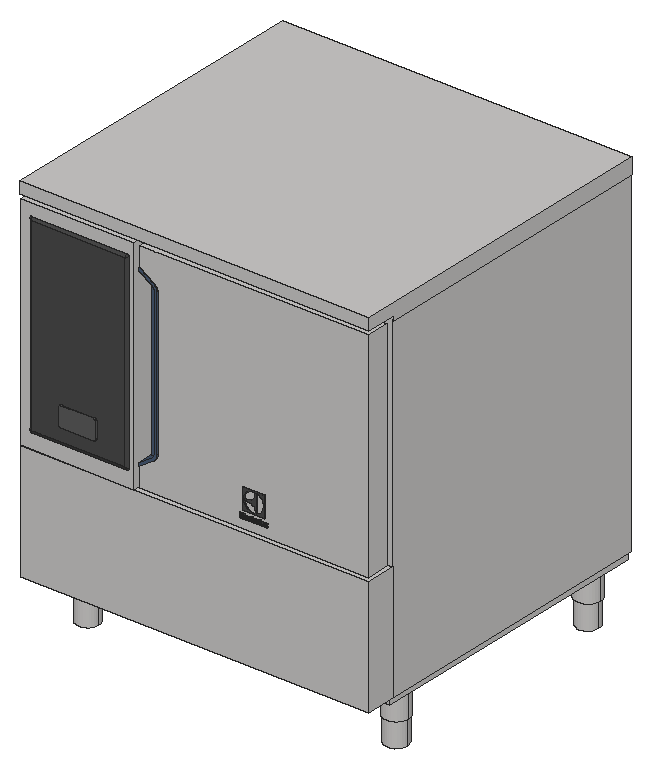
Revit family "QF_ELECTROLUXPROFESSIONAL_725539_EBFA61TE", category Specialty Equipment, Revit 2023 (continued)
Automatic sketch dimensions
  Split face 46 sketch curve to Extrusion 9 = 377.596 mm
  Split face 46 sketch curve to Split face 46 sketch curve = 110.015 mm
  Split face 46 sketch curve to Split face 46 sketch curve = 5.027 mm
  Split face 47 sketch curve to Extrusion 9 = 81.175 mm
  Split face 47 sketch curve to Extrusion 9 = 377.596 mm
  Split face 47 sketch curve to Split face 47 sketch curve = 110.015 mm
  Split face 47 sketch curve to Split face 47 sketch curve = 5.027 mm
  Split face 48 sketch curve to Extrusion 9 = 71.703 mm
  Split face 48 sketch curve to Extrusion 9 = 377.596 mm
  Split face 48 sketch curve to Split face 48 sketch curve = 110.015 mm
  Split face 48 sketch curve to Split face 48 sketch curve = 5.027 mm
  Split face 49 sketch curve to Extrusion 9 = 62.231 mm
  Split face 49 sketch curve to Extrusion 9 = 377.596 mm
  Split face 49 sketch curve to Split face 49 sketch curve = 110.015 mm
  Split face 49 sketch curve to Split face 49 sketch curve = 5.027 mm
  Split face 50 sketch curve to Extrusion 9 = 52.758 mm
  Split face 50 sketch curve to Extrusion 9 = 377.596 mm
  Split face 50 sketch curve to Extrusion 9 = 47.731 mm
  Split face 50 sketch curve to Split face 50 sketch curve = 110.015 mm
  Split face 51 sketch curve to Extrusion 9 = 43.286 mm
  Split face 51 sketch curve to Extrusion 9 = 377.596 mm
  Split face 51 sketch curve to Extrusion 9 = 38.259 mm
  Split face 51 sketch curve to Split face 51 sketch curve = 110.015 mm
  Split face 52 sketch curve to Extrusion 9 = 33.814 mm
  Split face 52 sketch curve to Extrusion 9 = 377.596 mm
  Split face 52 sketch curve to Extrusion 9 = 28.787 mm
  Split face 52 sketch curve to Split face 52 sketch curve = 110.015 mm
  Split face 53 sketch curve to Extrusion 9 = 31.361 mm
  Split face 53 sketch curve to Extrusion 9 = 262.581 mm
  Split face 53 sketch curve to Extrusion 9 = 36.388 mm
  Split face 53 sketch curve to Split face 53 sketch curve = 110.015 mm
  Split face 54 sketch curve to Extrusion 9 = 40.833 mm
  Split face 54 sketch curve to Extrusion 9 = 262.581 mm
  Split face 54 sketch curve to Extrusion 9 = 45.86 mm
  Split face 54 sketch curve to Split face 54 sketch curve = 110.015 mm
  Split face 55 sketch curve to Extrusion 9 = 50.305 mm
  Split face 55 sketch curve to Extrusion 9 = 262.581 mm
  Split face 55 sketch curve to Split face 55 sketch curve = 110.015 mm
  Split face 55 sketch curve to Split face 55 sketch curve = 5.027 mm
  Split face 56 sketch curve to Extrusion 9 = 59.777 mm
  Split face 56 sketch curve to Extrusion 9 = 262.581 mm
  Split face 56 sketch curve to Split face 56 sketch curve = 110.015 mm
  Split face 56 sketch curve to Split face 56 sketch curve = 5.027 mm
  Split face 57 sketch curve to Extrusion 9 = 69.25 mm
  Split face 57 sketch curve to Extrusion 9 = 262.581 mm
  Split face 57 sketch curve to Split face 57 sketch curve = 110.015 mm
  Split face 57 sketch curve to Split face 57 sketch curve = 5.027 mm
  Split face 58 sketch curve to Extrusion 9 = 78.722 mm
  Split face 58 sketch curve to Extrusion 9 = 262.581 mm
  Split face 58 sketch curve to Split face 58 sketch curve = 110.015 mm
  Split face 58 sketch curve to Split face 58 sketch curve = 5.027 mm
  Split face 59 sketch curve to Extrusion 9 = 88.194 mm
  Split face 59 sketch curve to Extrusion 9 = 262.581 mm
  Split face 59 sketch curve to Split face 59 sketch curve = 110.015 mm
  Split face 59 sketch curve to Split face 59 sketch curve = 5.027 mm
  Split face 60 sketch curve to Extrusion 9 = 97.666 mm
  Split face 60 sketch curve to Extrusion 9 = 262.581 mm
  Split face 60 sketch curve to Split face 60 sketch curve = 110.015 mm
  Split face 60 sketch curve to Split face 60 sketch curve = 5.027 mm
  Split face 61 sketch curve to Extrusion 9 = 107.138 mm
  Split face 61 sketch curve to Extrusion 9 = 262.581 mm
  Split face 61 sketch curve to Split face 61 sketch curve = 110.015 mm
  Split face 61 sketch curve to Split face 61 sketch curve = 5.027 mm
  Split face 62 sketch curve to Extrusion 9 = 116.611 mm
  Split face 62 sketch curve to Extrusion 9 = 262.581 mm
  Split face 62 sketch curve to Split face 62 sketch curve = 110.015 mm
  Split face 62 sketch curve to Split face 62 sketch curve = 5.027 mm
  Split face 63 sketch curve to Extrusion 9 = 126.083 mm
  Split face 63 sketch curve to Extrusion 9 = 262.581 mm
  Split face 63 sketch curve to Split face 63 sketch curve = 110.015 mm
  Split face 63 sketch curve to Split face 63 sketch curve = 5.027 mm
  Split face 64 sketch curve to Extrusion 9 = 262.581 mm
  Split face 64 sketch curve to Split face 64 sketch curve = 110.015 mm
  Split face 64 sketch curve to Extrusion 9 = 135.555 mm
  Split face 64 sketch curve to Split face 64 sketch curve = 5.027 mm
  Split face 65 sketch curve to Extrusion 9 = 262.581 mm
  Split face 65 sketch curve to Split face 65 sketch curve = 110.015 mm
  Split face 65 sketch curve to Extrusion 9 = 145.027 mm
  Split face 65 sketch curve to Split face 65 sketch curve = 5.027 mm
  Split face 66 sketch curve to Extrusion 9 = 262.581 mm
  Split face 66 sketch curve to Split face 66 sketch curve = 110.015 mm
  Split face 66 sketch curve to Extrusion 9 = 147.48 mm
  Split face 66 sketch curve to Split face 66 sketch curve = 5.027 mm
  Split face 67 sketch curve to Extrusion 9 = 262.581 mm
  Split face 67 sketch curve to Split face 67 sketch curve = 110.015 mm
  Split face 67 sketch curve to Extrusion 9 = 138.008 mm
  Split face 67 sketch curve to Split face 67 sketch curve = 5.027 mm
  Split face 68 sketch curve to Extrusion 9 = 128.536 mm
  Split face 68 sketch curve to Extrusion 9 = 262.581 mm
  Split face 68 sketch curve to Split face 68 sketch curve = 110.015 mm
  Split face 68 sketch curve to Split face 68 sketch curve = 5.027 mm
  Split face 69 sketch curve to Extrusion 9 = 119.064 mm
  Split face 69 sketch curve to Extrusion 9 = 262.581 mm
  Split face 69 sketch curve to Split face 69 sketch curve = 110.015 mm
  Split face 69 sketch curve to Split face 69 sketch curve = 5.027 mm
  Split face 70 sketch curve to Extrusion 9 = 109.592 mm
  Split face 70 sketch curve to Extrusion 9 = 262.581 mm
  Split face 70 sketch curve to Split face 70 sketch curve = 110.015 mm
  Split face 70 sketch curve to Split face 70 sketch curve = 5.027 mm
  Split face 71 sketch curve to Extrusion 9 = 100.119 mm
  Split face 71 sketch curve to Extrusion 9 = 262.581 mm
  Split face 71 sketch curve to Split face 71 sketch curve = 110.015 mm
  Split face 71 sketch curve to Split face 71 sketch curve = 5.027 mm
  Split face 72 sketch curve to Extrusion 9 = 90.647 mm
  Split face 72 sketch curve to Extrusion 9 = 262.581 mm
  Split face 72 sketch curve to Split face 72 sketch curve = 110.015 mm
  Split face 72 sketch curve to Split face 72 sketch curve = 5.027 mm
  Split face 73 sketch curve to Extrusion 9 = 81.175 mm
  Split face 73 sketch curve to Extrusion 9 = 262.581 mm
  Split face 73 sketch curve to Split face 73 sketch curve = 110.015 mm
  Split face 73 sketch curve to Split face 73 sketch curve = 5.027 mm
  Split face 74 sketch curve to Extrusion 9 = 71.703 mm
  Split face 74 sketch curve to Extrusion 9 = 262.581 mm
  Split face 74 sketch curve to Split face 74 sketch curve = 110.015 mm
  Split face 74 sketch curve to Split face 74 sketch curve = 5.027 mm
  Split face 75 sketch curve to Extrusion 9 = 62.231 mm
  Split face 75 sketch curve to Extrusion 9 = 262.581 mm
  Split face 75 sketch curve to Split face 75 sketch curve = 110.015 mm
  Split face 75 sketch curve to Split face 75 sketch curve = 5.027 mm
  Split face 76 sketch curve to Extrusion 9 = 52.758 mm
  Split face 76 sketch curve to Extrusion 9 = 262.581 mm
  Split face 76 sketch curve to Extrusion 9 = 47.731 mm
  Split face 76 sketch curve to Split face 76 sketch curve = 110.015 mm
  Split face 77 sketch curve to Extrusion 9 = 43.286 mm
  Split face 77 sketch curve to Extrusion 9 = 262.581 mm
  Split face 77 sketch curve to Extrusion 9 = 38.259 mm
  Split face 77 sketch curve to Split face 77 sketch curve = 110.015 mm
  Split face 78 sketch curve to Extrusion 9 = 33.814 mm
  Split face 78 sketch curve to Extrusion 9 = 262.581 mm
  Split face 78 sketch curve to Extrusion 9 = 28.787 mm
  Split face 78 sketch curve to Split face 78 sketch curve = 110.015 mm
  Split face 79 sketch curve to Extrusion 9 = 31.361 mm
  Split face 79 sketch curve to Extrusion 9 = 147.565 mm
  Split face 79 sketch curve to Extrusion 9 = 36.388 mm
  Split face 79 sketch curve to Split face 79 sketch curve = 110.015 mm
  Split face 80 sketch curve to Extrusion 9 = 40.833 mm
  Split face 80 sketch curve to Extrusion 9 = 147.565 mm
  Split face 80 sketch curve to Extrusion 9 = 45.86 mm
  Split face 80 sketch curve to Split face 80 sketch curve = 110.015 mm
  Split face 81 sketch curve to Extrusion 9 = 50.305 mm
  Split face 81 sketch curve to Extrusion 9 = 147.565 mm
  Split face 81 sketch curve to Split face 81 sketch curve = 110.015 mm
  Split face 81 sketch curve to Split face 81 sketch curve = 5.027 mm
  Split face 82 sketch curve to Extrusion 9 = 59.777 mm
  Split face 82 sketch curve to Extrusion 9 = 147.565 mm
  Split face 82 sketch curve to Split face 82 sketch curve = 110.015 mm
  Split face 82 sketch curve to Split face 82 sketch curve = 5.027 mm
  Split face 83 sketch curve to Extrusion 9 = 69.25 mm
  Split face 83 sketch curve to Extrusion 9 = 147.565 mm
  Split face 83 sketch curve to Split face 83 sketch curve = 110.015 mm
  Split face 83 sketch curve to Split face 83 sketch curve = 5.027 mm
  Split face 84 sketch curve to Extrusion 9 = 147.565 mm
  Split face 84 sketch curve to Split face 84 sketch curve = 110.015 mm
  Split face 84 sketch curve to Extrusion 9 = 78.722 mm
  Split face 84 sketch curve to Split face 84 sketch curve = 5.027 mm
  Split face 85 sketch curve to Extrusion 9 = 147.565 mm
  Split face 85 sketch curve to Split face 85 sketch curve = 110.015 mm
  Split face 85 sketch curve to Extrusion 9 = 88.194 mm
  Split face 85 sketch curve to Split face 85 sketch curve = 5.027 mm
  Split face 86 sketch curve to Extrusion 9 = 147.565 mm
  Split face 86 sketch curve to Split face 86 sketch curve = 110.015 mm
  Split face 86 sketch curve to Extrusion 9 = 97.666 mm
  Split face 86 sketch curve to Split face 86 sketch curve = 5.027 mm
  Split face 87 sketch curve to Extrusion 9 = 147.565 mm
  Split face 87 sketch curve to Split face 87 sketch curve = 110.015 mm
  Split face 87 sketch curve to Extrusion 9 = 107.138 mm
  Split face 87 sketch curve to Split face 87 sketch curve = 5.027 mm
  Split face 88 sketch curve to Extrusion 9 = 147.565 mm
  Split face 88 sketch curve to Split face 88 sketch curve = 110.015 mm
  Split face 88 sketch curve to Extrusion 9 = 116.611 mm
  Split face 88 sketch curve to Split face 88 sketch curve = 5.027 mm
  Split face 89 sketch curve to Extrusion 9 = 147.565 mm
  Split face 89 sketch curve to Split face 89 sketch curve = 110.015 mm
  Split face 89 sketch curve to Extrusion 9 = 126.083 mm
  Split face 89 sketch curve to Split face 89 sketch curve = 5.027 mm
  Split face 90 sketch curve to Extrusion 9 = 147.565 mm
  Split face 90 sketch curve to Split face 90 sketch curve = 110.015 mm
  Split face 90 sketch curve to Extrusion 9 = 135.555 mm
  Split face 90 sketch curve to Split face 90 sketch curve = 5.027 mm
  Split face 91 sketch curve to Extrusion 9 = 147.565 mm
  Split face 91 sketch curve to Split face 91 sketch curve = 110.015 mm
  Split face 91 sketch curve to Extrusion 9 = 145.027 mm
  Split face 91 sketch curve to Split face 91 sketch curve = 5.027 mm
  Split face 92 sketch curve to Extrusion 9 = 147.565 mm
  Split face 92 sketch curve to Split face 92 sketch curve = 110.015 mm
  Split face 92 sketch curve to Extrusion 9 = 147.48 mm
  Split face 92 sketch curve to Split face 92 sketch curve = 5.027 mm
  Split face 93 sketch curve to Extrusion 9 = 147.565 mm
  Split face 93 sketch curve to Split face 93 sketch curve = 110.015 mm
  Split face 93 sketch curve to Extrusion 9 = 138.008 mm
  Split face 93 sketch curve to Split face 93 sketch curve = 5.027 mm
  Split face 94 sketch curve to Extrusion 9 = 147.565 mm
  Split face 94 sketch curve to Split face 94 sketch curve = 110.015 mm
  Split face 94 sketch curve to Extrusion 9 = 128.536 mm
  Split face 94 sketch curve to Split face 94 sketch curve = 5.027 mm
  Split face 95 sketch curve to Extrusion 9 = 147.565 mm
  Split face 95 sketch curve to Split face 95 sketch curve = 110.015 mm
  Split face 95 sketch curve to Extrusion 9 = 119.064 mm
  Split face 95 sketch curve to Split face 95 sketch curve = 5.027 mm
  Split face 96 sketch curve to Extrusion 9 = 147.565 mm
  Split face 96 sketch curve to Split face 96 sketch curve = 110.015 mm
  Split face 96 sketch curve to Extrusion 9 = 109.592 mm
  Split face 96 sketch curve to Split face 96 sketch curve = 5.027 mm
  Split face 97 sketch curve to Extrusion 9 = 147.565 mm
  Split face 97 sketch curve to Split face 97 sketch curve = 110.015 mm
  Split face 97 sketch curve to Extrusion 9 = 100.119 mm
  Split face 97 sketch curve to Split face 97 sketch curve = 5.027 mm
  Split face 98 sketch curve to Extrusion 9 = 147.565 mm
  Split face 98 sketch curve to Split face 98 sketch curve = 110.015 mm
  Split face 98 sketch curve to Extrusion 9 = 90.647 mm
  Split face 98 sketch curve to Split face 98 sketch curve = 5.027 mm
  Split face 99 sketch curve to Extrusion 9 = 147.565 mm
  Split face 99 sketch curve to Split face 99 sketch curve = 110.015 mm
  Split face 99 sketch curve to Extrusion 9 = 81.175 mm
  Split face 99 sketch curve to Split face 99 sketch curve = 5.027 mm
  Split face 100 sketch curve to Extrusion 9 = 71.703 mm
  Split face 100 sketch curve to Extrusion 9 = 147.565 mm
  Split face 100 sketch curve to Split face 100 sketch curve = 110.015 mm
  Split face 100 sketch curve to Split face 100 sketch curve = 5.027 mm
  Split face 101 sketch curve to Extrusion 9 = 62.231 mm
  Split face 101 sketch curve to Extrusion 9 = 147.565 mm
  Split face 101 sketch curve to Split face 101 sketch curve = 110.015 mm
  Split face 101 sketch curve to Split face 101 sketch curve = 5.027 mm
  Split face 102 sketch curve to Extrusion 9 = 52.758 mm
  Split face 102 sketch curve to Extrusion 9 = 147.565 mm
  Split face 102 sketch curve to Extrusion 9 = 47.731 mm
  Split face 102 sketch curve to Split face 102 sketch curve = 110.015 mm
  Split face 103 sketch curve to Extrusion 9 = 43.286 mm
  Split face 103 sketch curve to Extrusion 9 = 147.565 mm
  Split face 103 sketch curve to Extrusion 9 = 38.259 mm
  Split face 103 sketch curve to Split face 103 sketch curve = 110.015 mm
  Split face 104 sketch curve to Extrusion 9 = 33.814 mm
  Split face 104 sketch curve to Extrusion 9 = 147.565 mm
  Split face 104 sketch curve to Extrusion 9 = 28.787 mm
  Split face 104 sketch curve to Split face 104 sketch curve = 110.015 mm
  Split face 105 sketch curve to Extrusion 9 = 32.55 mm
  Split face 105 sketch curve to Extrusion 9 = 36.388 mm
  Split face 105 sketch curve to Split face 105 sketch curve = 110.015 mm
  Split face 105 sketch curve to Split face 105 sketch curve = 5.027 mm
  Split face 106 sketch curve to Extrusion 9 = 32.55 mm
  Split face 106 sketch curve to Extrusion 9 = 45.86 mm
  Split face 106 sketch curve to Split face 106 sketch curve = 110.015 mm
  Split face 106 sketch curve to Split face 106 sketch curve = 5.027 mm
  Split face 107 sketch curve to Extrusion 9 = 32.55 mm
  Split face 107 sketch curve to Split face 107 sketch curve = 110.015 mm
  Split face 107 sketch curve to Extrusion 9 = 50.305 mm
  Split face 107 sketch curve to Split face 107 sketch curve = 5.027 mm
  Split face 108 sketch curve to Extrusion 9 = 32.55 mm
  Split face 108 sketch curve to Split face 108 sketch curve = 110.015 mm
  Split face 108 sketch curve to Extrusion 9 = 59.777 mm
  Split face 108 sketch curve to Split face 108 sketch curve = 5.027 mm
  Split face 109 sketch curve to Extrusion 9 = 32.55 mm
  Split face 109 sketch curve to Split face 109 sketch curve = 110.015 mm
  Split face 109 sketch curve to Extrusion 9 = 69.25 mm
  Split face 109 sketch curve to Split face 109 sketch curve = 5.027 mm
  Split face 110 sketch curve to Extrusion 9 = 32.55 mm
  Split face 110 sketch curve to Split face 110 sketch curve = 110.015 mm
  Split face 110 sketch curve to Extrusion 9 = 78.722 mm
  Split face 110 sketch curve to Split face 110 sketch curve = 5.027 mm
  Split face 111 sketch curve to Extrusion 9 = 32.55 mm
  Split face 111 sketch curve to Split face 111 sketch curve = 110.015 mm
  Split face 111 sketch curve to Extrusion 9 = 88.194 mm
  Split face 111 sketch curve to Split face 111 sketch curve = 5.027 mm
  Split face 112 sketch curve to Extrusion 9 = 32.55 mm
  Split face 112 sketch curve to Split face 112 sketch curve = 110.015 mm
  Split face 112 sketch curve to Extrusion 9 = 97.666 mm
  Split face 112 sketch curve to Split face 112 sketch curve = 5.027 mm
  Split face 113 sketch curve to Extrusion 9 = 32.55 mm
  Split face 113 sketch curve to Split face 113 sketch curve = 110.015 mm
  Split face 113 sketch curve to Extrusion 9 = 107.138 mm
  Split face 113 sketch curve to Split face 113 sketch curve = 5.027 mm
  Split face 114 sketch curve to Extrusion 9 = 32.55 mm
  Split face 114 sketch curve to Split face 114 sketch curve = 110.015 mm
  Split face 114 sketch curve to Extrusion 9 = 116.611 mm
  Split face 114 sketch curve to Split face 114 sketch curve = 5.027 mm
  Split face 115 sketch curve to Extrusion 9 = 32.55 mm
  Split face 115 sketch curve to Split face 115 sketch curve = 110.015 mm
  Split face 115 sketch curve to Extrusion 9 = 126.083 mm
  Split face 115 sketch curve to Split face 115 sketch curve = 5.027 mm
  Split face 116 sketch curve to Extrusion 9 = 32.55 mm
  Split face 116 sketch curve to Split face 116 sketch curve = 110.015 mm
  Split face 116 sketch curve to Extrusion 9 = 135.555 mm
  Split face 116 sketch curve to Split face 116 sketch curve = 5.027 mm
  Split face 117 sketch curve to Extrusion 9 = 32.55 mm
  Split face 117 sketch curve to Split face 117 sketch curve = 110.015 mm
  Split face 117 sketch curve to Extrusion 9 = 145.027 mm
  Split face 117 sketch curve to Split face 117 sketch curve = 5.027 mm
  Split face 118 sketch curve to Extrusion 9 = 32.55 mm
  Split face 118 sketch curve to Split face 118 sketch curve = 110.015 mm
  Split face 118 sketch curve to Extrusion 9 = 147.48 mm
  Split face 118 sketch curve to Split face 118 sketch curve = 5.027 mm
  Split face 119 sketch curve to Extrusion 9 = 32.55 mm
  Split face 119 sketch curve to Split face 119 sketch curve = 110.015 mm
  Split face 119 sketch curve to Extrusion 9 = 138.008 mm
  Split face 119 sketch curve to Split face 119 sketch curve = 5.027 mm
  Split face 120 sketch curve to Extrusion 9 = 32.55 mm
  Split face 120 sketch curve to Split face 120 sketch curve = 110.015 mm
  Split face 120 sketch curve to Extrusion 9 = 128.536 mm
  Split face 120 sketch curve to Split face 120 sketch curve = 5.027 mm
  Split face 121 sketch curve to Extrusion 9 = 32.55 mm
  Split face 121 sketch curve to Split face 121 sketch curve = 110.015 mm
  Split face 121 sketch curve to Extrusion 9 = 119.064 mm
  Split face 121 sketch curve to Split face 121 sketch curve = 5.027 mm
  Split face 122 sketch curve to Extrusion 9 = 32.55 mm
  Split face 122 sketch curve to Split face 122 sketch curve = 110.015 mm
  Split face 122 sketch curve to Extrusion 9 = 109.592 mm
  Split face 122 sketch curve to Split face 122 sketch curve = 5.027 mm
  Split face 123 sketch curve to Extrusion 9 = 32.55 mm
  Split face 123 sketch curve to Split face 123 sketch curve = 110.015 mm
  Split face 123 sketch curve to Extrusion 9 = 100.119 mm
  Split face 123 sketch curve to Split face 123 sketch curve = 5.027 mm
  Split face 124 sketch curve to Extrusion 9 = 32.55 mm
  Split face 124 sketch curve to Split face 124 sketch curve = 110.015 mm
  Split face 124 sketch curve to Extrusion 9 = 90.647 mm
  Split face 124 sketch curve to Split face 124 sketch curve = 5.027 mm
  Split face 125 sketch curve to Extrusion 9 = 32.55 mm
  Split face 125 sketch curve to Split face 125 sketch curve = 110.015 mm
  Split face 125 sketch curve to Extrusion 9 = 81.175 mm
  Split face 125 sketch curve to Split face 125 sketch curve = 5.027 mm
  Split face 126 sketch curve to Extrusion 9 = 32.55 mm
  Split face 126 sketch curve to Split face 126 sketch curve = 110.015 mm
  Split face 126 sketch curve to Extrusion 9 = 71.703 mm
  Split face 126 sketch curve to Split face 126 sketch curve = 5.027 mm
  Split face 127 sketch curve to Extrusion 9 = 32.55 mm
  Split face 127 sketch curve to Split face 127 sketch curve = 110.015 mm
  Split face 127 sketch curve to Extrusion 9 = 62.231 mm
  Split face 127 sketch curve to Split face 127 sketch curve = 5.027 mm
  Split face 128 sketch curve to Extrusion 9 = 32.55 mm
  Split face 128 sketch curve to Extrusion 9 = 47.731 mm
  Split face 128 sketch curve to Split face 128 sketch curve = 110.015 mm
  Split face 128 sketch curve to Split face 128 sketch curve = 5.027 mm
  Split face 129 sketch curve to Extrusion 9 = 32.55 mm
  Split face 129 sketch curve to Extrusion 9 = 38.259 mm
  Split face 129 sketch curve to Split face 129 sketch curve = 110.015 mm
  Split face 129 sketch curve to Split face 129 sketch curve = 5.027 mm
  Split face 130 sketch curve to Extrusion 9 = 32.55 mm
  Split face 130 sketch curve to Extrusion 9 = 28.787 mm
  Split face 130 sketch curve to Split face 130 sketch curve = 110.015 mm
  Split face 130 sketch curve to Split face 130 sketch curve = 5.027 mm
  Extrusion 13 sketch curve to plane 5 "BACK" = 0 mm  (x2)
  Extrusion 13 sketch curve to plane 15 = 0 mm  (x2)
  Extrusion 13 sketch curve to plane 3 "Center Y" = 141.58 mm
  Extrusion 13 sketch curve to Extrusion 13 sketch curve = 1.631 mm  (x2)
  Extrusion 13 sketch curve to Extrusion 13 sketch curve = 9.723 mm
  plane 10 to Extrusion 13 sketch curve = 80.967 mm
  plane 10 to Extrusion 13 sketch curve = 72.875 mm
  Extrusion 14 sketch curve to plane 14 = 0.005 mm
  plane 7 "FRONT" to Extrusion 14 sketch curve = 0 mm
  plane 16 to Extrusion 14 sketch curve = 47.24 mm
  Extrusion 14 sketch curve to Extrusion 14 sketch curve = 8.487 mm
  Extrusion 14 sketch curve to Extrusion 14 sketch curve = 8.95 mm
  Extrusion 14 sketch curve to Extrusion 14 sketch curve = 10.513 mm
  Extrusion 14 sketch curve to Extrusion 14 sketch curve = 20 mm
  Extrusion 14 sketch curve to Extrusion 14 sketch curve = 35.79 mm
  Extrusion 14 sketch curve to Extrusion 14 sketch curve = 36.253 mm
  Extrusion 14 sketch curve to Extrusion 14 sketch curve = 51.135 mm
  Extrusion 14 sketch curve to Extrusion 14 sketch curve = 24.082 mm
  Extrusion 14 sketch curve to Extrusion 14 sketch curve = 374.913 mm
  Extrusion 14 sketch curve to Extrusion 14 sketch curve = 23.723 mm
  plane 8 to Extrusion 14 sketch curve = 332.497 mm
  Extrusion 15 sketch curve to Extrusion 14 = 0 mm  (x6)
  Extrusion 14 to Extrusion 15 sketch curve = 0 mm  (x2)
  Extrusion 14 to Extrusion 15 sketch curve = 8.487 mm
  Extrusion 14 to Extrusion 15 sketch curve = 8.95 mm
  Extrusion 15 sketch curve to Extrusion 15 sketch curve = 11.05 mm
  Extrusion 16 sketch curve to Extrusion 16 sketch curve = 0 mm  (x2)
  Extrusion 16 sketch curve to Extrusion 14 = 0 mm  (x5)
  Extrusion 14 to Extrusion 16 sketch curve = 2.5 mm  (x2)
  Extrusion 16 sketch curve to Extrusion 16 sketch curve = 13.5 mm
  Extrusion 14 to Extrusion 16 sketch curve = 12.541 mm
  Extrusion 16 sketch curve to Extrusion 16 sketch curve = 5.583 mm
  Extrusion 16 sketch curve to Extrusion 16 sketch curve = 3.591 mm
  Extrusion 16 sketch curve to Extrusion 16 sketch curve = 3.597 mm
  Extrusion 16 sketch curve to Extrusion 16 sketch curve = 6.141 mm
  Extrusion 16 sketch curve to Extrusion 16 sketch curve = 6.143 mm
  Extrusion 17 sketch curve to plane 7 "FRONT" = 0 mm
  plane 16 to Extrusion 17 sketch curve = 2.5 mm
  Extrusion 17 sketch curve to plane 12 = 2 mm
  Extrusion 17 sketch curve to plane 6 "RIGHT" = 21.029 mm
  plane 7 "FRONT" to Extrusion 17 sketch curve = 16.966 mm
  curve 15 to plane 7 "FRONT" = 0 mm
  curve 3 to plane 6 "RIGHT" = 0 mm
  curve 17 to plane 7 "FRONT" = 0 mm
  curve 10 to plane 5 "BACK" = 0 mm
  curve 10 to plane 15 = 0 mm
  curve 2 to plane 4 "LEFT" = 0 mm
  plane 16 to curve 15 = 2.5 mm
  plane 6 "RIGHT" to curve 15 = 6 mm
  curve 14 to plane 6 "RIGHT" = 21.029 mm
  curve 16 to plane 12 = 2 mm
  curve 10 to plane 3 "Center Y" = 151.303 mm
  curve 6 to plane 7 "FRONT" = 5 mm
  curve 6 to plane 3 "Center Y" = 176 mm
  plane 10 to curve 8 = 80.967 mm
  plane 10 to curve 12 = 22.5 mm
  plane 10 to curve 13 = 1.5 mm
  curve 5 to plane 10 = 17.5 mm
  curve 13 to curve 13 = 29 mm
  plane 7 "FRONT" to curve 14 = 16.966 mm
  curve 10 to curve 9 = 8.092 mm
  curve 6 to curve 5 = 8 mm
  curve 8 to curve 12 = 50.375 mm
  curve 5 to curve 7 = 8 mm
  radius of Extrusion 5 sketch curve = 10.5 mm
  radius of Extrusion 6 sketch curve to Extrusion 2 = 0 mm
  radius of Extrusion 7 sketch curve to Extrusion 2 = 0 mm
  radius of Extrusion 7 sketch curve to Extrusion 2 = 6.5 mm
  radius of Extrusion 12 sketch curve = 9.5 mm
  radius of Extrusion 15 sketch curve to Extrusion 14 = 0 mm
  radius of Extrusion 16 sketch curve to Extrusion 14 = 0 mm
  radius of Extrusion 16 sketch curve to Extrusion 14 = 6.5 mm
Nested families
  nested 1: "Foot_Complete" at (-708, -142.149, 0), type "Foot_Complete"
    with H 130 mm
  nested 2: "Foot_Complete" at (85, -142.149, 0), type "Foot_Complete"
    with H 130 mm
  nested 3: "Foot_Complete" at (85, 473.851, 0), type "Foot_Complete"
    with H 130 mm
  nested 4: "Foot_Complete" at (-708, 473.851, 0), type "Foot_Complete"
    with H 130 mm
  nested 5: "ELX_Logo_S_New" at (-157.603, -295.149, 492.497) x (1, 0, 0) z (0, -1, 0), visible <- "Show Logo", type "ELX_Logo_S_New"
    with M QF_Finishes_Black
  nested 6: "ELX_Logo_Symbol" at (-157.603, -295.149, 532.497) x (-1, 0, 0) z (0, -1, 0), visible <- "Show Logo", type "ELX_Logo_Symbol"
    with M QF_Finishes_Black
  nested 7: "ELX_Touch" at (-606.5, -295.149, 741.265) x (1, 0, 0) z (0, -1, 0), type "ELX_Touch"
Connectors
  electrical at (-696, 577.851, 258), driven by "Volts"
    settings: on Extrusion 5, index 5, voltage 380 V, apparent load 0 VA, apparent load phase1 0 VA, apparent load phase2 0 VA, apparent load phase3 0 VA, power factor 1, load classification "Altro", number of poles 1, system type 30, power factor state 1, is connector primary yes, connector utility no, sub classification motor no, connector description "Electrical Connection"
  piping at (-360, 215.851, 98.32), diameter 19
    settings: on cut or joined group of Extrusion 1, Extrusion 3, Extrusion 4, Extrusion 5, Extrusion 10, Extrusion 11, Extrusion 12, Extrusion 13, index 6, connector inside diameter 609.6 mm, connector length 0 mm, flow factor 0, pipe flow 0.0 L/s, pressure drop 0.0 Pa, fitting loss kfactor 0, connector angle 0.00°, fixture units 0, engagement length 0 mm, angle of deflection 0.00°, flow configuration 1, flow direction 2, fitting loss method 0, system type 16, joint type 0, gender type 0, connector reference index -1, connector utility 0, adjustable connector no, is connector primary yes, connector description "Drain"
Definition of nested family "Foot_Complete"
  Parameters
    R = 32 mm
    H = 150 mm
    Default Elevation = 0 mm
  Reference planes
    plane 1 "Centro (Fronte/Retro)": y = 0
    plane 2: z = 0
    plane 3 "Centro (Sinistra/Destra)": x = 0
    plane 4: z = 150
  Forms (mm)
    Revolve 1, solid
      sketch origin (255.05, 0, 608.09) x (0, 0, 1) y (-1, 0, 0)
        loop
          line (-608.09, 255.05) -> (-608.09, 226.55) -> (-544.09, 226.55) -> (-544.09, 223.05) -> (-458.09, 223.05) -> (-458.09, 255.05) -> (-608.09, 255.05)
        axis (-608.09, 255.05) -> (-458.09, 255.05)
      angle from 0 to 360
  Dimensions and locks
    locked: level to Revolve 1 sketch curve at 64
    "R": Revolve 1 sketch curve to plane 3 "Centro (Sinistra/Destra)"
    "H": plane 4 to level
    aligned and locked: level to plane 2
    aligned and locked: plane 4 to Revolve 1 sketch curve
    aligned and locked: Revolve 1 sketch curve to level
    aligned and locked: plane 3 "Centro (Sinistra/Destra)" to Revolve 1 sketch curve
  Automatic sketch dimensions
    Revolve 1 sketch curve to plane 3 "Centro (Sinistra/Destra)" = 0 mm
    plane 3 "Centro (Sinistra/Destra)" to Revolve 1 sketch curve = 28.5 mm
    Revolve 1 sketch curve to Revolve 1 sketch curve = 50 mm
    Revolve 1 sketch curve to Revolve 1 sketch curve = 20 mm
Definition of nested family "ELX_Logo_S_New"
  Parameters
    Default Elevation = 0 mm
    M [instance] = none
  Reference planes
    plane 1 "Centro (Fronte/Retro)": y = 0
    plane 2: z = 0
    plane 3 "Centro (Sinistra/Destra)": x = 0
  Forms (mm)
    Extrusion 1, solid
      sketch origin (0, 0, 0) x (1, 0, 0) y (0, 1, 0)
        loop
          line (-1219.2, 1219.2) -> (-1219.2, -1219.2) -> (1219.2, -1219.2) -> (1219.2, 1219.2) -> (-1219.2, 1219.2)
      from 0 to -304.8
    Extrusion 2, solid, material <- "M"
      sketch origin (0, 0, 0) x (1, 0, 0) y (0, 1, 0)
        loop
          spline (-32.537, -4.135) -> (-32.702, -4.128) -> (-32.877, -4.105) -> (-33.059, -4.064) -> (-33.242, -4.002) -> (-33.422, -3.916) -> (-33.593, -3.803) -> (-33.751, -3.66) -> (-33.891, -3.486) -> (-34.008, -3.276) -> (-34.098, -3.029) -> (-34.155, -2.741) -> (-34.176, -2.41)
          line (-34.176, -2.41) -> (-34.176, -0.943) -> (-29.331, -0.943) -> (-29.331, 0.928) -> (-34.176, 0.928) -> (-34.176, 3.652) -> (-29.023, 3.652) -> (-29.023, 5.518) -> (-36.159, 5.518) -> (-36.159, -2.326)
          spline (-36.159, -2.326) -> (-36.142, -2.808) -> (-36.088, -3.263) -> (-35.996, -3.688) -> (-35.867, -4.083) -> (-35.698, -4.445) -> (-35.489, -4.773) -> (-35.239, -5.066) -> (-34.946, -5.322) -> (-34.61, -5.539) -> (-34.23, -5.716) -> (-33.804, -5.851) -> (-33.332, -5.943)
          line (-33.332, -5.943) -> (-32.554, -5.999) -> (-28.885, -5.999) -> (-28.885, -4.135) -> (-32.537, -4.135)
        loop
          line (-27.476, 0.076) -> (-27.476, -6.002) -> (-25.492, -6.002) -> (-25.492, 5.521) -> (-27.476, 5.521) -> (-27.476, 0.076)
        loop
          spline (-15.702, -2.321) -> (-15.689, -1.697) -> (-15.749, -1.094) -> (-15.879, -0.516) -> (-16.078, 0.029) -> (-16.341, 0.538) -> (-16.668, 1.004) -> (-17.055, 1.422) -> (-17.5, 1.786) -> (-17.999, 2.091) -> (-18.552, 2.331) -> (-19.154, 2.5) -> (-19.804, 2.594)
          spline (-19.804, 2.594) -> (-20.422, 2.558) -> (-21.009, 2.453) -> (-21.56, 2.28) -> (-22.072, 2.042) -> (-22.54, 1.743) -> (-22.96, 1.385) -> (-23.327, 0.97) -> (-23.638, 0.502) -> (-23.887, -0.018) -> (-24.07, -0.586) -> (-24.183, -1.2) -> (-24.222, -1.857)
          spline (-24.222, -1.857) -> (-24.184, -2.498) -> (-24.074, -3.097) -> (-23.895, -3.652) -> (-23.651, -4.16) -> (-23.344, -4.618) -> (-22.979, -5.023) -> (-22.559, -5.374) -> (-22.087, -5.667) -> (-21.567, -5.899) -> (-21.003, -6.068) -> (-20.397, -6.172) -> (-19.754, -6.207)
          spline (-19.754, -6.207) -> (-19.44, -6.2) -> (-19.13, -6.176) -> (-18.823, -6.135) -> (-18.52, -6.074) -> (-18.221, -5.993) -> (-17.925, -5.89) -> (-17.634, -5.762) -> (-17.346, -5.609) -> (-17.062, -5.43) -> (-16.782, -5.221) -> (-16.506, -4.983) -> (-16.234, -4.713)
          line (-16.234, -4.713) -> (-17.429, -3.55)
          spline (-17.429, -3.55) -> (-17.587, -3.702) -> (-17.745, -3.841) -> (-17.906, -3.967) -> (-18.07, -4.08) -> (-18.239, -4.181) -> (-18.415, -4.268) -> (-18.599, -4.343) -> (-18.792, -4.404) -> (-18.996, -4.452) -> (-19.213, -4.486) -> (-19.443, -4.506) -> (-19.688, -4.513)
          spline (-19.688, -4.513) -> (-20.047, -4.496) -> (-20.383, -4.443) -> (-20.696, -4.358) -> (-20.984, -4.24) -> (-21.246, -4.092) -> (-21.479, -3.915) -> (-21.683, -3.711) -> (-21.856, -3.48) -> (-21.997, -3.224) -> (-22.104, -2.945) -> (-22.176, -2.643) -> (-22.212, -2.321)
          line (-22.212, -2.321) -> (-15.702, -2.321)
        loop
          spline (-17.695, -0.926) -> (-17.714, -0.681) -> (-17.771, -0.445) -> (-17.861, -0.221) -> (-17.984, -0.01) -> (-18.135, 0.184) -> (-18.314, 0.36) -> (-18.516, 0.516) -> (-18.741, 0.648) -> (-18.984, 0.755) -> (-19.244, 0.834) -> (-19.518, 0.883) -> (-19.804, 0.9)
          spline (-19.804, 0.9) -> (-20.11, 0.884) -> (-20.405, 0.835) -> (-20.686, 0.757) -> (-20.95, 0.652) -> (-21.195, 0.521) -> (-21.419, 0.367) -> (-21.618, 0.192) -> (-21.79, -0.003) -> (-21.934, -0.214) -> (-22.045, -0.439) -> (-22.122, -0.678) -> (-22.162, -0.926)
          line (-22.162, -0.926) -> (-17.695, -0.926)
        loop
          spline (-12.669, -1.807) -> (-12.646, -1.438) -> (-12.58, -1.088) -> (-12.472, -0.759) -> (-12.326, -0.455) -> (-12.145, -0.177) -> (-11.93, 0.072) -> (-11.685, 0.289) -> (-11.412, 0.473) -> (-11.114, 0.62) -> (-10.793, 0.728) -> (-10.453, 0.794) -> (-10.095, 0.817)
          spline (-10.095, 0.817) -> (-9.876, 0.81) -> (-9.665, 0.79) -> (-9.464, 0.756) -> (-9.271, 0.709) -> (-9.086, 0.65) -> (-8.908, 0.578) -> (-8.737, 0.495) -> (-8.572, 0.399) -> (-8.414, 0.292) -> (-8.261, 0.173) -> (-8.113, 0.044) -> (-7.969, -0.096)
          line (-7.969, -0.096) -> (-6.741, 1.183)
          spline (-6.741, 1.183) -> (-6.985, 1.427) -> (-7.237, 1.647) -> (-7.496, 1.843) -> (-7.762, 2.015) -> (-8.034, 2.164) -> (-8.312, 2.291) -> (-8.596, 2.397) -> (-8.886, 2.482) -> (-9.181, 2.546) -> (-9.481, 2.592) -> (-9.786, 2.619) -> (-10.095, 2.627)
          spline (-10.095, 2.627) -> (-10.715, 2.589) -> (-11.308, 2.476) -> (-11.871, 2.294) -> (-12.396, 2.046) -> (-12.88, 1.736) -> (-13.316, 1.369) -> (-13.7, 0.949) -> (-14.026, 0.48) -> (-14.289, -0.035) -> (-14.483, -0.59) -> (-14.604, -1.182) -> (-14.645, -1.807)
          spline (-14.645, -1.807) -> (-14.604, -2.431) -> (-14.483, -3.023) -> (-14.289, -3.578) -> (-14.026, -4.093) -> (-13.7, -4.562) -> (-13.316, -4.983) -> (-12.88, -5.35) -> (-12.396, -5.659) -> (-11.871, -5.907) -> (-11.308, -6.09) -> (-10.715, -6.202) -> (-10.095, -6.24)
          spline (-10.095, -6.24) -> (-9.786, -6.232) -> (-9.481, -6.205) -> (-9.181, -6.16) -> (-8.886, -6.095) -> (-8.596, -6.01) -> (-8.312, -5.904) -> (-8.034, -5.777) -> (-7.762, -5.628) -> (-7.496, -5.456) -> (-7.237, -5.26) -> (-6.985, -5.04) -> (-6.741, -4.796)
          line (-6.741, -4.796) -> (-7.969, -3.517)
          spline (-7.969, -3.517) -> (-8.113, -3.657) -> (-8.261, -3.786) -> (-8.414, -3.905) -> (-8.572, -4.012) -> (-8.737, -4.108) -> (-8.908, -4.192) -> (-9.086, -4.263) -> (-9.271, -4.323) -> (-9.464, -4.369) -> (-9.665, -4.403) -> (-9.876, -4.423) -> (-10.095, -4.43)
          spline (-10.095, -4.43) -> (-10.453, -4.408) -> (-10.793, -4.341) -> (-11.114, -4.233) -> (-11.412, -4.086) -> (-11.685, -3.902) -> (-11.93, -3.685) -> (-12.145, -3.436) -> (-12.326, -3.158) -> (-12.472, -2.854) -> (-12.58, -2.526) -> (-12.646, -2.176) -> (-12.669, -1.807)
        loop
          spline (-1.683, -4.138) -> (-1.858, -4.14) -> (-2.045, -4.127) -> (-2.24, -4.095) -> (-2.438, -4.04) -> (-2.633, -3.959) -> (-2.822, -3.85) -> (-2.998, -3.709) -> (-3.157, -3.533) -> (-3.294, -3.318) -> (-3.404, -3.061) -> (-3.483, -2.76) -> (-3.524, -2.411)
          line (-3.524, -2.411) -> (-3.524, 0.529) -> (-1.72, 0.529) -> (-1.72, 2.331) -> (-3.522, 2.331) -> (-3.522, 5.521) -> (-5.506, 5.521) -> (-5.506, -2.523)
          spline (-5.506, -2.523) -> (-5.463, -2.99) -> (-5.386, -3.429) -> (-5.274, -3.839) -> (-5.126, -4.218) -> (-4.941, -4.564) -> (-4.717, -4.877) -> (-4.455, -5.155) -> (-4.153, -5.396) -> (-3.81, -5.599) -> (-3.425, -5.762) -> (-2.998, -5.884) -> (-2.528, -5.964)
          line (-2.528, -5.964) -> (-1.69, -6.002) -> (-1.683, -4.138)
        loop
          spline (4.991, 2.446) -> (4.648, 2.468) -> (4.318, 2.461) -> (4.001, 2.429) -> (3.699, 2.371) -> (3.413, 2.288) -> (3.142, 2.182) -> (2.89, 2.052) -> (2.655, 1.901) -> (2.439, 1.728) -> (2.244, 1.535) -> (2.069, 1.322) -> (1.917, 1.091)
          line (1.917, 1.091) -> (1.917, 2.33) -> (-0.051, 2.33) -> (-0.051, -6.002) -> (1.917, -6.002) -> (1.917, -1.621)
          spline (1.917, -1.621) -> (1.935, -1.288) -> (1.988, -0.979) -> (2.075, -0.693) -> (2.195, -0.432) -> (2.345, -0.197) -> (2.526, 0.01) -> (2.736, 0.189) -> (2.972, 0.338) -> (3.235, 0.456) -> (3.522, 0.541) -> (3.832, 0.594) -> (4.165, 0.611)
          line (4.165, 0.611) -> (4.991, 0.529) -> (4.991, 2.446)
        loop
          spline (14.388, -1.836) -> (14.347, -1.224) -> (14.226, -0.642) -> (14.031, -0.093) -> (13.768, 0.418) -> (13.441, 0.887) -> (13.057, 1.308) -> (12.621, 1.677) -> (12.137, 1.989) -> (11.612, 2.24) -> (11.051, 2.425) -> (10.459, 2.539) -> (9.842, 2.578)
          spline (9.842, 2.578) -> (9.221, 2.539) -> (8.627, 2.425) -> (8.064, 2.24) -> (7.539, 1.989) -> (7.056, 1.677) -> (6.62, 1.308) -> (6.237, 0.887) -> (5.912, 0.418) -> (5.65, -0.093) -> (5.456, -0.642) -> (5.336, -1.224) -> (5.295, -1.836)
          spline (5.295, -1.836) -> (5.336, -2.447) -> (5.456, -3.029) -> (5.65, -3.578) -> (5.912, -4.089) -> (6.237, -4.558) -> (6.62, -4.979) -> (7.056, -5.348) -> (7.539, -5.66) -> (8.064, -5.911) -> (8.627, -6.096) -> (9.221, -6.211) -> (9.842, -6.25)
          spline (9.842, -6.25) -> (10.459, -6.211) -> (11.051, -6.096) -> (11.612, -5.911) -> (12.137, -5.66) -> (12.621, -5.348) -> (13.057, -4.979) -> (13.441, -4.558) -> (13.768, -4.089) -> (14.031, -3.578) -> (14.226, -3.029) -> (14.347, -2.447) -> (14.388, -1.836)
        loop
          spline (12.42, -1.836) -> (12.397, -1.475) -> (12.33, -1.131) -> (12.222, -0.807) -> (12.075, -0.504) -> (11.893, -0.227) -> (11.677, 0.022) -> (11.431, 0.241) -> (11.157, 0.426) -> (10.859, 0.575) -> (10.538, 0.685) -> (10.198, 0.753) -> (9.842, 0.777)
          spline (9.842, 0.777) -> (9.482, 0.753) -> (9.14, 0.685) -> (8.818, 0.575) -> (8.519, 0.426) -> (8.246, 0.241) -> (8.001, 0.022) -> (7.786, -0.227) -> (7.605, -0.504) -> (7.459, -0.807) -> (7.352, -1.131) -> (7.286, -1.475) -> (7.263, -1.836)
          spline (7.263, -1.836) -> (7.286, -2.196) -> (7.352, -2.54) -> (7.459, -2.865) -> (7.605, -3.167) -> (7.786, -3.444) -> (8.001, -3.694) -> (8.246, -3.912) -> (8.519, -4.098) -> (8.818, -4.247) -> (9.14, -4.357) -> (9.482, -4.425) -> (9.842, -4.448)
          spline (9.842, -4.448) -> (10.198, -4.425) -> (10.538, -4.357) -> (10.859, -4.247) -> (11.157, -4.098) -> (11.431, -3.912) -> (11.677, -3.694) -> (11.893, -3.444) -> (12.075, -3.167) -> (12.222, -2.865) -> (12.33, -2.54) -> (12.397, -2.196) -> (12.42, -1.836)
        loop
          line (15.608, 0.275) -> (15.608, -6.002) -> (17.593, -6.002) -> (17.593, 5.521) -> (15.608, 5.521) -> (15.608, 0.275)
        loop
          line (24.747, 2.33) -> (24.747, -2.513)
          spline (24.747, -2.513) -> (24.731, -2.828) -> (24.685, -3.112) -> (24.61, -3.366) -> (24.507, -3.59) -> (24.38, -3.785) -> (24.229, -3.952) -> (24.056, -4.091) -> (23.863, -4.203) -> (23.652, -4.29) -> (23.425, -4.35) -> (23.183, -4.386) -> (22.928, -4.398)
          spline (22.928, -4.398) -> (22.674, -4.386) -> (22.432, -4.35) -> (22.205, -4.29) -> (21.994, -4.204) -> (21.802, -4.092) -> (21.629, -3.954) -> (21.478, -3.788) -> (21.35, -3.595) -> (21.248, -3.373) -> (21.173, -3.122) -> (21.126, -2.841) -> (21.11, -2.53)
          line (21.11, -2.53) -> (21.11, 2.33) -> (19.11, 2.33) -> (19.11, -2.696)
          spline (19.11, -2.696) -> (19.145, -3.265) -> (19.248, -3.783) -> (19.413, -4.25) -> (19.636, -4.667) -> (19.912, -5.033) -> (20.236, -5.349) -> (20.603, -5.616) -> (21.008, -5.833) -> (21.446, -6.001) -> (21.913, -6.121) -> (22.403, -6.193) -> (22.912, -6.217)
          spline (22.912, -6.217) -> (23.425, -6.193) -> (23.92, -6.12) -> (24.39, -5.998) -> (24.832, -5.828) -> (25.241, -5.607) -> (25.611, -5.337) -> (25.937, -5.016) -> (26.216, -4.645) -> (26.441, -4.222) -> (26.608, -3.749) -> (26.711, -3.223) -> (26.747, -2.646)
          line (26.747, -2.646) -> (26.747, 2.33) -> (24.747, 2.33)
        loop
          line (34.253, -3.337) -> (33.002, -1.588) -> (34.551, 0.523) -> (35.878, 2.33) -> (33.713, 2.33) -> (31.91, -0.166) -> (30.092, 2.33) -> (27.943, 2.33) -> (29.175, 0.645) -> (30.82, -1.604) -> (29.096, -4.004) -> (27.662, -6.002) -> (29.794, -6.002) -> (31.91, -3.059) -> (34.027, -6.002) -> (36.159, -6.002) -> (34.253, -3.337)
      from 0 to 1.644
  Dimensions and locks
    aligned and locked: plane 2 to Extrusion 1
    aligned and locked: level to Extrusion 1
Definition of nested family "ELX_Logo_Symbol"
  Parameters
    Default Elevation = 0 mm
    M [instance] = none
  Reference planes
    plane 1 "Centro (Fronte/Retro)": y = 0
    plane 2: z = 0
    plane 3 "Centro (Sinistra/Destra)": x = 0
  Forms (mm)
    Extrusion 1, solid
      sketch origin (0, 0, 0) x (1, 0, 0) y (0, 1, 0)
        loop
          line (-1219.2, 1219.2) -> (-1219.2, -1219.2) -> (1219.2, -1219.2) -> (1219.2, 1219.2) -> (-1219.2, 1219.2)
      from 0 to -304.8
    Extrusion 2, solid, material <- "M"
      sketch origin (94.462, 558.781, 0) x (1, 0, 0) y (0, 1, 0)
        loop
          line (-101.645, -583.129) -> (-101.645, -534.543)
          arc (-101.645, -534.543) -> (-119.606, -558.836) -> (-101.645, -583.129) r 25.41
        loop
          arc (-99.174, -583.129) -> (-78.968, -578.537) -> (-69.233, -560.244) r 24.902
          line (-69.233, -560.244) -> (-77.271, -560.244)
          arc (-77.271, -560.244) -> (-91.631, -566.073) -> (-99.174, -579.611) r 23.341
          line (-99.174, -579.611) -> (-99.174, -583.129)
        loop
          arc (-99.174, -538.061) -> (-91.631, -551.599) -> (-77.271, -557.427) r 23.341
          line (-77.271, -557.427) -> (-69.233, -557.427)
          arc (-69.233, -557.427) -> (-78.952, -538.984) -> (-99.174, -533.918) r 25.553
          line (-99.174, -533.918) -> (-99.174, -538.061)
        loop
          line (-67.388, -585.781) -> (-67.388, -531.781) -> (-121.462, -531.781) -> (-121.462, -585.781) -> (-67.388, -585.781)
      from 0 to 1.644
  Dimensions and locks
    aligned and locked: plane 2 to Extrusion 1
    aligned and locked: level to Extrusion 1
Definition of nested family "ELX_Touch"
  Parameters
    Default Elevation = 1219.2 mm
  Reference planes
    plane 1 "Centro (Fronte/Retro)": y = 0
    plane 2: z = 0
    plane 3 "Centro (Sinistra/Destra)": x = 0
  Forms (mm)
    Extrusion 1, solid
      sketch origin (0, 0, 0) x (1, 0, 0) y (0, 1, 0)
        loop
          line (-1219.2, 1219.2) -> (-1219.2, -1219.2) -> (1219.2, -1219.2) -> (1219.2, 1219.2) -> (-1219.2, 1219.2)
      from 0 to -304.8
    Extrusion 2, solid
      sketch origin (0, 0, 5) x (1, 0, 0) y (0, 1, 0)
        loop
          line (-47, -160) -> (-47, -202)
          arc (-47, -202) -> (-45.536, -205.535) -> (-42, -207) r 5
          line (-42, -207) -> (42, -207)
          arc (42, -207) -> (45.536, -205.535) -> (47, -202) r 5
          line (47, -202) -> (47, -160)
          arc (47, -160) -> (45.536, -156.465) -> (42, -155) r 5
          line (42, -155) -> (-42, -155)
          arc (-42, -155) -> (-45.536, -156.465) -> (-47, -160) r 5
      from 0 to 2
    Blend 3, solid
      base sketch origin (0, 0, 0) x (1, 0, 0) y (0, 1, 0)
        loop
          line (-127, 244) -> (-127, -244)
          arc (-127, -244) -> (-125.536, -247.536) -> (-122, -249) r 5
          line (-122, -249) -> (122, -249)
          arc (122, -249) -> (125.536, -247.536) -> (127, -244) r 5
          line (127, -244) -> (127, 244)
          arc (127, 244) -> (125.536, 247.536) -> (122, 249) r 5
          line (122, 249) -> (-122, 249)
          arc (-122, 249) -> (-125.536, 247.536) -> (-127, 244) r 5
      top sketch origin (0, 0, 0) x (1, 0, 0) y (0, 1, 0)
        loop
          line (-119, -241) -> (119, -241) -> (119, 241) -> (-119, 241) -> (-119, -241)
      from 0 to 5
  Lines and regions (mm)
    Split face 1
      outline origin (0, 0, 5) x (1, 0, 0) y (0, 1, 0)
        loop
          line (-70.506, 46.167) -> (70.506, 46.167) -> (70.506, 214.829) -> (-70.506, 214.829) -> (-70.506, 46.167)
    Split face 2
      outline origin (0, 0, 5) x (1, 0, 0) y (0, 1, 0)
        loop
          line (-47.467, 50.825) -> (47.467, 50.825) -> (47.467, 210.171) -> (-47.467, 210.171) -> (-47.467, 50.825)
    Split face 3
      outline origin (0, 0, 5) x (1, 0, 0) y (0, 1, 0)
        loop
          line (-70.521, -215.33) -> (70.521, -215.33) -> (70.521, -146.67) -> (-70.521, -146.67) -> (-70.521, -215.33)
    Split face 4
      outline origin (0, 0, 5) x (1, 0, 0) y (0, 1, 0)
        loop
          line (-119, 201.163) -> (-70.506, 201.163)
        loop
          line (70.506, 201.163) -> (119, 201.163)
        loop
          line (70.521, -200.849) -> (119, -200.849)
        loop
          line (-119, -200.849) -> (-70.521, -200.849)
  Dimensions and locks
    aligned and locked: plane 2 to Extrusion 1
    aligned and locked: level to Extrusion 1
